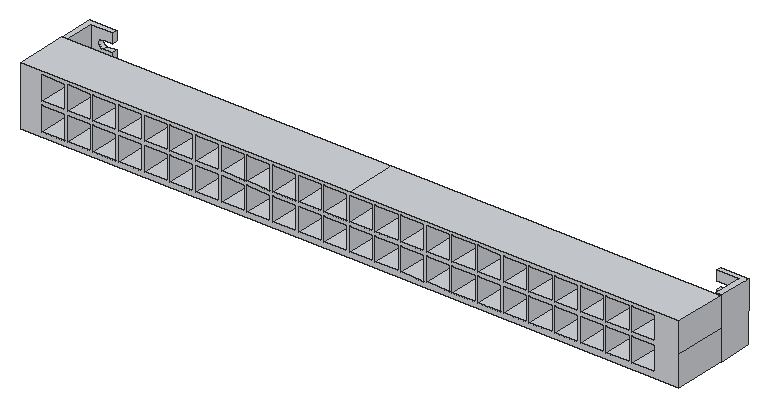
Revit family
Parameters
  Material ID = "760105429"
  Description = "M4800 1U Modular Panel, 48 port"
Reference planes (in)
  plane 1 "Center (Front/Back)": y = 0
  plane 2: z = 0
  plane 3 "Center (Left/Right)": x = 0
Forms (in)
  Extrusion 1, solid
    sketch origin (0, 0, 0) x (1, 0, 0) y (0, 0, 1)
      loop
        line (0, 0.86) -> (-9.5, 0.86) -> (-9.5, 0) -> (-9.5, -0.86) -> (0, -0.86) -> (9.5, -0.86) -> (9.5, 0) -> (9.5, 0.86) -> (0, 0.86)
    from 2.28361 to 3.78
  Extrusion 2, void, not visible
    sketch origin (0, 0, 0) x (1, 0, 0) y (0, 0, 1)
      loop
        line (8.1548, 0.08976) -> (8.1548, 0.77624) -> (7.4848, 0.77624) -> (7.4848, 0.08976) -> (8.1548, 0.08976)
    from 2.60747 to 3.78
  Extrusion 3, void, not visible
    sketch origin (0, 0, 0) x (1, 0, 0) y (0, 0, 1)
      loop
        line (8.1548, 0.08976) -> (8.1548, 0.77624) -> (7.4848, 0.77624) -> (7.4848, 0.08976) -> (8.1548, 0.08976)
    from 2.60747 to 3.78
  Extrusion 4, void, not visible
    sketch origin (-1.25, 0, 0) x (1, 0, 0) y (0, 0, 1)
      loop
        line (8.1548, 0.08976) -> (8.1548, 0.77624) -> (7.4848, 0.77624) -> (7.4848, 0.08976) -> (8.1548, 0.08976)
    from 2.60747 to 3.78
  Extrusion 5, void, not visible
    sketch origin (-2.5, 0, 0) x (1, 0, 0) y (0, 0, 1)
      loop
        line (8.1548, 0.08976) -> (8.1548, 0.77624) -> (7.4848, 0.77624) -> (7.4848, 0.08976) -> (8.1548, 0.08976)
    from 2.60747 to 3.78
  Extrusion 6, void, not visible
    sketch origin (-3.75, 0, 0) x (1, 0, 0) y (0, 0, 1)
      loop
        line (8.1548, 0.08976) -> (8.1548, 0.77624) -> (7.4848, 0.77624) -> (7.4848, 0.08976) -> (8.1548, 0.08976)
    from 2.60747 to 3.78
  Extrusion 7, void
    sketch origin (-15.18, 0, 0) x (1, 0, 0) y (0, 0, 1)
      loop
        line (6.9685, 0.08976) -> (6.9685, 0.77624) -> (6.2985, 0.77624) -> (6.2985, 0.08976) -> (6.9685, 0.08976)
    from 0.80925 to 3.78
  Extrusion 8, void
    sketch origin (-14.44, 0, 0) x (1, 0, 0) y (0, 0, 1)
      loop
        line (6.9685, 0.08976) -> (6.9685, 0.77624) -> (6.2985, 0.77624) -> (6.2985, 0.08976) -> (6.9685, 0.08976)
    from 0.80925 to 3.78
  Extrusion 9, void
    sketch origin (-13.7, 0, 0) x (1, 0, 0) y (0, 0, 1)
      loop
        line (6.9685, 0.08976) -> (6.9685, 0.77624) -> (6.2985, 0.77624) -> (6.2985, 0.08976) -> (6.9685, 0.08976)
    from 0.80925 to 3.78
  Extrusion 10, void
    sketch origin (-12.96, 0, 0) x (1, 0, 0) y (0, 0, 1)
      loop
        line (6.9685, 0.08976) -> (6.9685, 0.77624) -> (6.2985, 0.77624) -> (6.2985, 0.08976) -> (6.9685, 0.08976)
    from 0.80925 to 3.78
  Extrusion 11, void
    sketch origin (-12.22, 0, 0) x (1, 0, 0) y (0, 0, 1)
      loop
        line (6.9685, 0.08976) -> (6.9685, 0.77624) -> (6.2985, 0.77624) -> (6.2985, 0.08976) -> (6.9685, 0.08976)
    from 0.80925 to 3.78
  Extrusion 12, void
    sketch origin (-11.48, 0, 0) x (1, 0, 0) y (0, 0, 1)
      loop
        line (6.9685, 0.08976) -> (6.9685, 0.77624) -> (6.2985, 0.77624) -> (6.2985, 0.08976) -> (6.9685, 0.08976)
    from 0.80925 to 3.78
  Extrusion 13, void
    sketch origin (-10.74, 0, 0) x (1, 0, 0) y (0, 0, 1)
      loop
        line (6.9685, 0.08976) -> (6.9685, 0.77624) -> (6.2985, 0.77624) -> (6.2985, 0.08976) -> (6.9685, 0.08976)
    from 0.80925 to 3.78
  Extrusion 14, void
    sketch origin (-10, 0, 0) x (1, 0, 0) y (0, 0, 1)
      loop
        line (6.9685, 0.08976) -> (6.9685, 0.77624) -> (6.2985, 0.77624) -> (6.2985, 0.08976) -> (6.9685, 0.08976)
    from 0.80925 to 3.78
  Extrusion 15, void
    sketch origin (-9.26, 0, 0) x (1, 0, 0) y (0, 0, 1)
      loop
        line (6.9685, 0.08976) -> (6.9685, 0.77624) -> (6.2985, 0.77624) -> (6.2985, 0.08976) -> (6.9685, 0.08976)
    from 0.80925 to 3.78
  Extrusion 16, void
    sketch origin (-8.52, 0, 0) x (1, 0, 0) y (0, 0, 1)
      loop
        line (6.9685, 0.08976) -> (6.9685, 0.77624) -> (6.2985, 0.77624) -> (6.2985, 0.08976) -> (6.9685, 0.08976)
    from 0.80925 to 3.78
  Extrusion 17, void
    sketch origin (-7.78, 0, 0) x (1, 0, 0) y (0, 0, 1)
      loop
        line (6.9685, 0.08976) -> (6.9685, 0.77624) -> (6.2985, 0.77624) -> (6.2985, 0.08976) -> (6.9685, 0.08976)
    from 0.80925 to 3.78
  Extrusion 18, void
    sketch origin (-7.04, 0, 0) x (1, 0, 0) y (0, 0, 1)
      loop
        line (6.9685, 0.08976) -> (6.9685, 0.77624) -> (6.2985, 0.77624) -> (6.2985, 0.08976) -> (6.9685, 0.08976)
    from 0.80925 to 3.78
  Extrusion 19, void
    sketch origin (-6.3, 0, 0) x (1, 0, 0) y (0, 0, 1)
      loop
        line (6.9685, 0.08976) -> (6.9685, 0.77624) -> (6.2985, 0.77624) -> (6.2985, 0.08976) -> (6.9685, 0.08976)
    from 0.80925 to 3.78
  Extrusion 20, void
    sketch origin (-5.56, 0, 0) x (1, 0, 0) y (0, 0, 1)
      loop
        line (6.9685, 0.08976) -> (6.9685, 0.77624) -> (6.2985, 0.77624) -> (6.2985, 0.08976) -> (6.9685, 0.08976)
    from 0.80925 to 3.78
  Extrusion 21, void
    sketch origin (-4.82, 0, 0) x (1, 0, 0) y (0, 0, 1)
      loop
        line (6.9685, 0.08976) -> (6.9685, 0.77624) -> (6.2985, 0.77624) -> (6.2985, 0.08976) -> (6.9685, 0.08976)
    from 0.80925 to 3.78
  Extrusion 22, void
    sketch origin (-4.08, 0, 0) x (1, 0, 0) y (0, 0, 1)
      loop
        line (6.9685, 0.08976) -> (6.9685, 0.77624) -> (6.2985, 0.77624) -> (6.2985, 0.08976) -> (6.9685, 0.08976)
    from 0.80925 to 3.78
  Extrusion 23, void
    sketch origin (-3.34, 0, 0) x (1, 0, 0) y (0, 0, 1)
      loop
        line (6.9685, 0.08976) -> (6.9685, 0.77624) -> (6.2985, 0.77624) -> (6.2985, 0.08976) -> (6.9685, 0.08976)
    from 0.80925 to 3.78
  Extrusion 24, void
    sketch origin (-2.6, 0, 0) x (1, 0, 0) y (0, 0, 1)
      loop
        line (6.9685, 0.08976) -> (6.9685, 0.77624) -> (6.2985, 0.77624) -> (6.2985, 0.08976) -> (6.9685, 0.08976)
    from 0.80925 to 3.78
  Extrusion 25, void
    sketch origin (-1.86, 0, 0) x (1, 0, 0) y (0, 0, 1)
      loop
        line (6.9685, 0.08976) -> (6.9685, 0.77624) -> (6.2985, 0.77624) -> (6.2985, 0.08976) -> (6.9685, 0.08976)
    from 0.80925 to 3.78
  Extrusion 26, void
    sketch origin (-1.12, 0, 0) x (1, 0, 0) y (0, 0, 1)
      loop
        line (6.9685, 0.08976) -> (6.9685, 0.77624) -> (6.2985, 0.77624) -> (6.2985, 0.08976) -> (6.9685, 0.08976)
    from 0.80925 to 3.78
  Extrusion 27, void
    sketch origin (-0.38, 0, 0) x (1, 0, 0) y (0, 0, 1)
      loop
        line (6.9685, 0.08976) -> (6.9685, 0.77624) -> (6.2985, 0.77624) -> (6.2985, 0.08976) -> (6.9685, 0.08976)
    from 0.80925 to 3.78
  Extrusion 28, void
    sketch origin (0.36, 0, 0) x (1, 0, 0) y (0, 0, 1)
      loop
        line (6.9685, 0.08976) -> (6.9685, 0.77624) -> (6.2985, 0.77624) -> (6.2985, 0.08976) -> (6.9685, 0.08976)
    from 0.80925 to 3.78
  Extrusion 29, void
    sketch origin (1.1, 0, 0) x (1, 0, 0) y (0, 0, 1)
      loop
        line (6.9685, 0.08976) -> (6.9685, 0.77624) -> (6.2985, 0.77624) -> (6.2985, 0.08976) -> (6.9685, 0.08976)
    from 0.80925 to 3.78
  Extrusion 30, void
    sketch origin (1.84, 0, 0) x (1, 0, 0) y (0, 0, 1)
      loop
        line (6.9685, 0.08976) -> (6.9685, 0.77624) -> (6.2985, 0.77624) -> (6.2985, 0.08976) -> (6.9685, 0.08976)
    from 0.80925 to 3.78
  Extrusion 31, void, not visible
    sketch origin (-15.18, 0, 0) x (1, 0, 0) y (0, 0, 1)
      loop
        line (6.9685, 0.08976) -> (6.9685, 0.77624) -> (6.2985, 0.77624) -> (6.2985, 0.08976) -> (6.9685, 0.08976)
    from 0.80925 to 3.78
  Extrusion 32, void
    sketch origin (-15.18, 0, -0.79) x (1, 0, 0) y (0, 0, 1)
      loop
        line (6.9685, 0.08976) -> (6.9685, 0.77624) -> (6.2985, 0.77624) -> (6.2985, 0.08976) -> (6.9685, 0.08976)
    from 0.80925 to 3.78
  Extrusion 33, void
    sketch origin (-14.44, 0, -0.79) x (1, 0, 0) y (0, 0, 1)
      loop
        line (6.9685, 0.08976) -> (6.9685, 0.77624) -> (6.2985, 0.77624) -> (6.2985, 0.08976) -> (6.9685, 0.08976)
    from 0.80925 to 3.78
  Extrusion 34, void
    sketch origin (-13.7, 0, -0.79) x (1, 0, 0) y (0, 0, 1)
      loop
        line (6.9685, 0.08976) -> (6.9685, 0.77624) -> (6.2985, 0.77624) -> (6.2985, 0.08976) -> (6.9685, 0.08976)
    from 0.80925 to 3.78
  Extrusion 35, void
    sketch origin (-12.96, 0, -0.79) x (1, 0, 0) y (0, 0, 1)
      loop
        line (6.9685, 0.08976) -> (6.9685, 0.77624) -> (6.2985, 0.77624) -> (6.2985, 0.08976) -> (6.9685, 0.08976)
    from 0.80925 to 3.78
  Extrusion 36, void
    sketch origin (-12.22, 0, -0.79) x (1, 0, 0) y (0, 0, 1)
      loop
        line (6.9685, 0.08976) -> (6.9685, 0.77624) -> (6.2985, 0.77624) -> (6.2985, 0.08976) -> (6.9685, 0.08976)
    from 0.80925 to 3.78
  Extrusion 37, void
    sketch origin (-11.48, 0, -0.79) x (1, 0, 0) y (0, 0, 1)
      loop
        line (6.9685, 0.08976) -> (6.9685, 0.77624) -> (6.2985, 0.77624) -> (6.2985, 0.08976) -> (6.9685, 0.08976)
    from 0.80925 to 3.78
  Extrusion 38, void
    sketch origin (-10.74, 0, -0.79) x (1, 0, 0) y (0, 0, 1)
      loop
        line (6.9685, 0.08976) -> (6.9685, 0.77624) -> (6.2985, 0.77624) -> (6.2985, 0.08976) -> (6.9685, 0.08976)
    from 0.80925 to 3.78
  Extrusion 39, void
    sketch origin (-10, 0, -0.79) x (1, 0, 0) y (0, 0, 1)
      loop
        line (6.9685, 0.08976) -> (6.9685, 0.77624) -> (6.2985, 0.77624) -> (6.2985, 0.08976) -> (6.9685, 0.08976)
    from 0.80925 to 3.78
  Extrusion 40, void
    sketch origin (-9.26, 0, -0.79) x (1, 0, 0) y (0, 0, 1)
      loop
        line (6.9685, 0.08976) -> (6.9685, 0.77624) -> (6.2985, 0.77624) -> (6.2985, 0.08976) -> (6.9685, 0.08976)
    from 0.80925 to 3.78
  Extrusion 41, void
    sketch origin (-8.52, 0, -0.79) x (1, 0, 0) y (0, 0, 1)
      loop
        line (6.9685, 0.08976) -> (6.9685, 0.77624) -> (6.2985, 0.77624) -> (6.2985, 0.08976) -> (6.9685, 0.08976)
    from 0.80925 to 3.78
  Extrusion 42, void
    sketch origin (-7.78, 0, -0.79) x (1, 0, 0) y (0, 0, 1)
      loop
        line (6.9685, 0.08976) -> (6.9685, 0.77624) -> (6.2985, 0.77624) -> (6.2985, 0.08976) -> (6.9685, 0.08976)
    from 0.80925 to 3.78
  Extrusion 43, void
    sketch origin (-7.04, 0, -0.79) x (1, 0, 0) y (0, 0, 1)
      loop
        line (6.9685, 0.08976) -> (6.9685, 0.77624) -> (6.2985, 0.77624) -> (6.2985, 0.08976) -> (6.9685, 0.08976)
    from 0.80925 to 3.78
  Extrusion 44, void
    sketch origin (-6.3, 0, -0.79) x (1, 0, 0) y (0, 0, 1)
      loop
        line (6.9685, 0.08976) -> (6.9685, 0.77624) -> (6.2985, 0.77624) -> (6.2985, 0.08976) -> (6.9685, 0.08976)
    from 0.80925 to 3.78
  Extrusion 45, void
    sketch origin (-5.56, 0, -0.79) x (1, 0, 0) y (0, 0, 1)
      loop
        line (6.9685, 0.08976) -> (6.9685, 0.77624) -> (6.2985, 0.77624) -> (6.2985, 0.08976) -> (6.9685, 0.08976)
    from 0.80925 to 3.78
  Extrusion 46, void
    sketch origin (-4.82, 0, -0.79) x (1, 0, 0) y (0, 0, 1)
      loop
        line (6.9685, 0.08976) -> (6.9685, 0.77624) -> (6.2985, 0.77624) -> (6.2985, 0.08976) -> (6.9685, 0.08976)
    from 0.80925 to 3.78
  Extrusion 47, void
    sketch origin (-4.08, 0, -0.79) x (1, 0, 0) y (0, 0, 1)
      loop
        line (6.9685, 0.08976) -> (6.9685, 0.77624) -> (6.2985, 0.77624) -> (6.2985, 0.08976) -> (6.9685, 0.08976)
    from 0.80925 to 3.78
  Extrusion 48, void
    sketch origin (-3.34, 0, -0.79) x (1, 0, 0) y (0, 0, 1)
      loop
        line (6.9685, 0.08976) -> (6.9685, 0.77624) -> (6.2985, 0.77624) -> (6.2985, 0.08976) -> (6.9685, 0.08976)
    from 0.80925 to 3.78
  Extrusion 49, void
    sketch origin (-2.6, 0, -0.79) x (1, 0, 0) y (0, 0, 1)
      loop
        line (6.9685, 0.08976) -> (6.9685, 0.77624) -> (6.2985, 0.77624) -> (6.2985, 0.08976) -> (6.9685, 0.08976)
    from 0.80925 to 3.78
  Extrusion 50, void
    sketch origin (-1.86, 0, -0.79) x (1, 0, 0) y (0, 0, 1)
      loop
        line (6.9685, 0.08976) -> (6.9685, 0.77624) -> (6.2985, 0.77624) -> (6.2985, 0.08976) -> (6.9685, 0.08976)
    from 0.80925 to 3.78
  Extrusion 51, void
    sketch origin (-1.12, 0, -0.79) x (1, 0, 0) y (0, 0, 1)
      loop
        line (6.9685, 0.08976) -> (6.9685, 0.77624) -> (6.2985, 0.77624) -> (6.2985, 0.08976) -> (6.9685, 0.08976)
    from 0.80925 to 3.78
  Extrusion 52, void
    sketch origin (-0.38, 0, -0.79) x (1, 0, 0) y (0, 0, 1)
      loop
        line (6.9685, 0.08976) -> (6.9685, 0.77624) -> (6.2985, 0.77624) -> (6.2985, 0.08976) -> (6.9685, 0.08976)
    from 0.80925 to 3.78
  Extrusion 53, void
    sketch origin (0.36, 0, -0.79) x (1, 0, 0) y (0, 0, 1)
      loop
        line (6.9685, 0.08976) -> (6.9685, 0.77624) -> (6.2985, 0.77624) -> (6.2985, 0.08976) -> (6.9685, 0.08976)
    from 0.80925 to 3.78
  Extrusion 54, void
    sketch origin (1.1, 0, -0.79) x (1, 0, 0) y (0, 0, 1)
      loop
        line (6.9685, 0.08976) -> (6.9685, 0.77624) -> (6.2985, 0.77624) -> (6.2985, 0.08976) -> (6.9685, 0.08976)
    from 0.80925 to 3.78
  Extrusion 55, void
    sketch origin (1.84, 0, -0.79) x (1, 0, 0) y (0, 0, 1)
      loop
        line (6.9685, 0.08976) -> (6.9685, 0.77624) -> (6.2985, 0.77624) -> (6.2985, 0.08976) -> (6.9685, 0.08976)
    from 0.80925 to 3.78
  Extrusion 56, solid
    sketch origin (0, 0, 0.86) x (-1, 0, 0) y (0, -1, 0)
      loop
        line (9.5, 2.25) -> (9.34807, 2.25) -> (9.34807, 1.42695) -> (8.71807, 1.42695) -> (8.71807, 1.28361) -> (9.5, 1.28361) -> (9.5, 2.25)
    from 0 to -1.72
  Extrusion 57, solid
    sketch origin (0, 0, 0.86) x (1, 0, 0) y (0, 1, 0)
      loop
        line (9.5, -2.25) -> (9.5, -1.28361) -> (8.71807, -1.28361) -> (8.71807, -1.42695) -> (9.34807, -1.42695) -> (9.34807, -2.25) -> (9.5, -2.25)
    from 0 to -1.72
  Extrusion 58, void
    sketch origin (-9.5, -1.28361, 0.86) x (-1, 0, 0) y (0, 0, -1)
      loop
        line (-0.91168, 0.26881) -> (-0.5, 0.26881)
        arc (-0.5, 0.26881) -> (-0.3844, 0.3844) -> (-0.5, 0.5) r 0.1156
        line (-0.5, 0.5) -> (-0.91168, 0.5) -> (-0.91168, 0.26881)
      loop
        line (-0.91168, 1.45119) -> (-0.91168, 1.22) -> (-0.5, 1.22)
        arc (-0.5, 1.22) -> (-0.3844, 1.3356) -> (-0.5, 1.45119) r 0.1156
        line (-0.5, 1.45119) -> (-0.91168, 1.45119)
      loop
        line (-18.08832, 0.26881) -> (-18.08832, 0.5) -> (-18.5, 0.5)
        arc (-18.5, 0.5) -> (-18.6156, 0.3844) -> (-18.5, 0.26881) r 0.1156
        line (-18.5, 0.26881) -> (-18.08832, 0.26881)
      loop
        line (-18.08832, 1.45119) -> (-18.5, 1.45119)
        arc (-18.5, 1.45119) -> (-18.6156, 1.3356) -> (-18.5, 1.22) r 0.1156
        line (-18.5, 1.22) -> (-18.08832, 1.22) -> (-18.08832, 1.45119)
    from 0 to 0.63132
Cuts and joins
  Extrusion 7, Extrusion 8, Extrusion 9, Extrusion 10, Extrusion 11, Extrusion 12, Extrusion 13, Extrusion 14, Extrusion 15, Extrusion 16, Extrusion 17, Extrusion 18, Extrusion 19, Extrusion 20, Extrusion 21, Extrusion 22, Extrusion 23, Extrusion 24, Extrusion 25, Extrusion 26, Extrusion 27, Extrusion 28, Extrusion 29, Extrusion 30, Extrusion 32, Extrusion 33, Extrusion 34, Extrusion 35, Extrusion 36, Extrusion 37, Extrusion 38, Extrusion 39, Extrusion 40, Extrusion 41, Extrusion 42, Extrusion 43, Extrusion 44, Extrusion 45, Extrusion 46, Extrusion 47, Extrusion 48, Extrusion 49, Extrusion 50, Extrusion 51, Extrusion 52, Extrusion 53, Extrusion 54, Extrusion 55, Extrusion 58 cuts Extrusion 1
  Extrusion 58 cuts Extrusion 56
  Extrusion 58 cuts Extrusion 57
Dimensions and locks (in)
  equal spacing: group 5, group 4, group 3, group 2
  equal spacing: group 2, group 3, group 4, group 5  (x2)
  equal spacing: group 7, group 8, group 9, group 10, group 11, group 12, group 13, group 14, group 15, group 16, group 17, group 18, group 19, group 20, group 21, group 22, group 23, group 24, group 25, group 26, group 27, group 28, group 29, group 30  (x3)
  equal spacing: group 33, group 34, group 35, group 36, group 37, group 38, group 39, group 40, group 41, group 42, group 43, group 44, group 45, group 46, group 47, group 48, group 49, group 50, group 51, group 52, group 53, group 54, group 55, group 56  (x3)
  group 31 to group 57 = 0"  (x2)
  group 57 to group 31 = 0.79"
